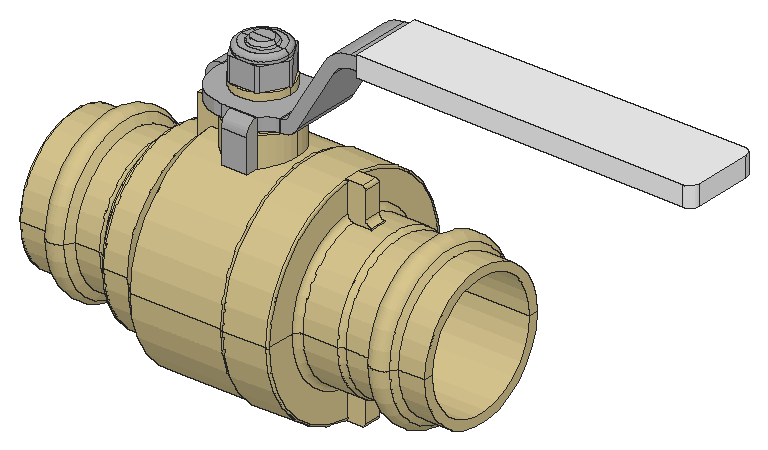
Revit family "QA12010000", category Apparecchi idraulici, Revit 2016
Family settings
  Tipo di parte = Normale
  Quota connettore circolare = Usa diametro
  Numero OmniClass = 23.45.00.00
  Titolo OmniClass = Sanitary, Laundry, and Cleaning Equipment
  Basato su piano di lavoro = No
  Sempre verticale = Sì
  Taglio con vuoti quando caricato = No
  Condiviso = No
  Punto di calcolo locali = No
Parameters
  URL = "https://web.cimberio.it/index.php/figura/1624?subcategoria_id=102"
  Produttore = "CIMBERIO SPA"
  Modello = "Cim 1220.1CRNL"
  DN Model [instance] = QA12011040 : QA12011040
  DN [instance] = 40 mm
Reference planes
  plane 1 "Centro (Fronte/Retro)": y = 0
  plane 2: z = 0
  plane 3 "Centro (Sinistra/Destra)": x = 0
Dimensions and locks
  aligned and locked: level to plane 2
Nested families
  nested 1: "QA12011040" at (0, 0, 0), type <- "DN Model", type "QA12011040"
    with DN 10 mm
  nested 2: "QA12011040" at (0, 0, 0), type <- "DN Model", type "QA12011040"
    with DN 10 mm
  nested 3: "QA12011040" at (0, 0, 0), type <- "DN Model", type "QA12011040"
    with DN 10 mm
  nested 4: "QA12011040" at (0, 0, 0), type <- "DN Model", type "QA12011040"
    with DN 10 mm
  nested 5: "QA12011040" at (0, 0, 0), type <- "DN Model", type "QA12011040"
    with DN 10 mm
  nested 6: "QA12011040" at (0, 0, 0), type <- "DN Model", type "QA12011040"
    with DN 10 mm
Connectors
  piping at (71.25, 0, 0), diameter 40, driven by "DN"
    settings: on nested 1, index 1, connector inside diameter 609.6 mm, connector length 0 mm, flow factor 0, pipe flow 0.0 L/s, pressure drop 0.0 Pa, fitting loss kfactor 0, connector angle 0.00°, fixture units 0, engagement length 0 mm, angle of deflection 0.00°, flow configuration 0, flow direction 0, fitting loss method 0, system type 7, joint type 0, gender type 0, connector reference index -1, connector utility 0, adjustable connector no, is connector primary yes, connector description ""
  piping at (-20, -1.7, 43), diameter 40, driven by "DN"
    settings: on nested 6, index 2, connector inside diameter 609.6 mm, connector length 0 mm, flow factor 0, pipe flow 0.0 L/s, pressure drop 0.0 Pa, fitting loss kfactor 0, connector angle 0.00°, fixture units 0, engagement length 0 mm, angle of deflection 0.00°, flow configuration 0, flow direction 0, fitting loss method 0, system type 7, joint type 0, gender type 0, connector reference index -1, connector utility 0, adjustable connector no, is connector primary no, connector description ""
Definition of nested family "QA12011040"
  Parameters (values of type "QA12011040")
    DN [instance] = 10 mm  # constant formula
  Reference planes
    plane 1 "Centro (Fronte/Retro)": y = 0
    plane 2: z = 0
    plane 3 "Centro (Sinistra/Destra)": x = 0
  Forms (mm)
    Revolve 1, solid
      sketch origin (0, 0, 0) x (1, 0, 0) y (0, 1, 0)
        loop
          line (-44.636, 25.456) -> (-43.131, 22.85) -> (-35.234, 22.85)
          arc (-35.234, 22.85) -> (-34.174, 23.044) -> (-33.25, 23.6) r 3
          line (-33.25, 23.6) -> (-31.75, 23.6)
          arc (-31.75, 23.6) -> (-30.336, 24.186) -> (-29.75, 25.6) r 2
          line (-29.75, 25.6) -> (-29.75, 28)
          arc (-29.75, 28) -> (-29.457, 28.707) -> (-28.75, 29) r 1
          line (-28.75, 29) -> (-21.25, 29) -> (-15.45, 34.8) -> (13.722, 34.8)
          arc (13.722, 34.8) -> (14.562, 34.983) -> (15.25, 35.5) r 2.019
          line (15.25, 35.5) -> (29.25, 35.25)
          arc (29.25, 35.25) -> (29.644, 35.058) -> (29.75, 34.633) r 0.519
          line (29.75, 34.633) -> (29.75, 25.6)
          arc (29.75, 25.6) -> (30.336, 24.186) -> (31.75, 23.6) r 2
          line (31.75, 23.6) -> (43.25, 23.6)
          arc (43.25, 23.6) -> (44.174, 23.044) -> (45.234, 22.85) r 3
          line (45.234, 22.85) -> (53.131, 22.85) -> (54.287, 24.852)
          arc (54.287, 24.852) -> (57.752, 26.85) -> (61.216, 24.847) r 4
          line (61.216, 24.847) -> (62.369, 22.85) -> (71.25, 22.85) -> (71.25, 20) -> (-61.25, 20) -> (-61.25, 22.35)
          arc (-61.25, 22.35) -> (-61.104, 22.704) -> (-60.75, 22.85) r 0.5
          line (-60.75, 22.85) -> (-52.369, 22.85) -> (-51.214, 24.85)
          arc (-51.214, 24.85) -> (-48.099, 26.835) -> (-44.686, 25.421) r 4
        axis (-61.25, 0) -> (71.25, 0)
      angle from 0 to 360
    Extrusion 2, solid
      sketch origin (0, 0, 0) x (1, 0, 0) y (0, 0, 1)
        loop
          line (29.25, 35.216) -> (29.25, 22.582) -> (37.747, 22.582) -> (37.747, 23.559)
          arc (37.747, 23.559) -> (36.335, 24.144) -> (35.75, 25.556) r 1.997
          line (35.75, 25.556) -> (35.75, 34.216)
          arc (35.75, 34.216) -> (35.457, 34.923) -> (34.75, 35.216) r 1
          line (34.75, 35.216) -> (29.25, 35.216)
        loop
          line (29.25, -35.216) -> (34.75, -35.216)
          arc (34.75, -35.216) -> (35.457, -34.923) -> (35.75, -34.216) r 1
          line (35.75, -34.216) -> (35.75, -25.556)
          arc (35.75, -25.556) -> (36.335, -24.144) -> (37.747, -23.559) r 1.997
          line (37.747, -23.559) -> (37.747, -22.582) -> (29.25, -22.582) -> (29.25, -35.216)
      from -2.528 to 2.75
    Revolve 3, solid
      sketch origin (0, 0, 0) x (1, 0, 0) y (0, 0, 1)
        loop
          line (0.056, 47.8) -> (-10, 47.8) -> (-10, 43) -> (-11.388, 43) -> (-11.388, 31.761) -> (0.056, 31.761) -> (0.056, 47.8)
        axis (0.056, 31.761) -> (0.056, 47.8)
      angle from 0 to 360
    Extrusion 4, solid
      sketch origin (0, 0, 0) x (1, 0, 0) y (0, 0, 1)
        loop
          line (-11.388, 43) -> (-20, 43) -> (-20, 28.911) -> (-11.388, 28.911) -> (-11.388, 43)
      from -1.6 to 1.7
    Revolve 5, solid
      sketch origin (0, 0, 0) x (1, 0, 0) y (0, 0, 1)
        loop
          line (0, 54.3) -> (-9.25, 54.3) -> (-9.25, 51.8) -> (0, 51.8) -> (0, 54.3)
        axis (0, 54.3) -> (0, 51.8)
      angle from 0 to 360
    Revolve 6, solid
      sketch origin (0, 0, 0) x (1, 0, 0) y (0, 0, 1)
        loop
          line (0, 65.8) -> (0, 62) -> (8.25, 62) -> (8.25, 62.8)
          arc (8.25, 62.8) -> (7.811, 63.861) -> (6.75, 64.3) r 1.5
          line (6.75, 64.3) -> (4.697, 64.3) -> (3.463, 64.701) -> (4.28, 64.92) -> (3.4, 65.8) -> (0, 65.8)
        axis (0, 65.8) -> (0, 62)
      angle from 0 to 360
    Extrusion 7, solid
      sketch origin (0, 0, 0) x (1, 0, 0) y (0, 0, 1)
        loop
          arc (-14.7, 51.8) -> (-18.428, 50.443) -> (-20, 46.8) r 5.008
          line (-20, 46.8) -> (-20, 38.053) -> (-16, 38.053) -> (-16, 46.8)
          arc (-16, 46.8) -> (-15.588, 47.609) -> (-14.7, 47.8) r 1.058
          line (-14.7, 47.8) -> (-14.7, 51.8)
      from -10 to -1.7
    Extrusion 8, solid
      sketch origin (0, 0, 0) x (1, 0, 0) y (0, 0, 1)
        loop
          line (29.699, 73.796) -> (18.011, 53.552)
          arc (18.011, 53.552) -> (16.739, 52.275) -> (15, 51.8) r 3.5
          line (15, 51.8) -> (15, 47.8)
          arc (15, 47.8) -> (18.74, 48.811) -> (21.476, 51.553) r 7.5
          line (21.476, 51.553) -> (33.164, 71.798)
          arc (33.164, 71.798) -> (35.36, 73.995) -> (38.36, 74.8) r 6
          line (38.36, 74.8) -> (40.963, 74.8) -> (40.963, 78.8) -> (38.362, 78.8)
          arc (38.362, 78.8) -> (33.36, 77.459) -> (29.699, 73.796) r 10
      from -10 to 12
    Extrusion 9, solid
      sketch origin (0, 0, 28.55) x (1, 0, 0) y (0, 1, 0)
        loop
          line (9.352, 0.6) -> (5.198, 7.795)
          arc (5.198, 7.795) -> (4.756, 8.237) -> (4.152, 8.399) r 1.208
          line (4.152, 8.399) -> (-4.173, 8.399)
          arc (-4.173, 8.399) -> (-4.759, 8.242) -> (-5.187, 7.814) r 1.171
          line (-5.187, 7.814) -> (-9.362, 0.583)
          arc (-9.362, 0.583) -> (-9.518, 0) -> (-9.362, -0.583) r 1.165
          line (-9.362, -0.583) -> (-5.187, -7.813)
          arc (-5.187, -7.813) -> (-4.759, -8.242) -> (-4.173, -8.399) r 1.171
          line (-4.173, -8.399) -> (4.165, -8.399)
          arc (4.165, -8.399) -> (4.757, -8.24) -> (5.191, -7.806) r 1.185
          line (5.191, -7.806) -> (9.352, -0.6)
          arc (9.352, -0.6) -> (9.513, 0) -> (9.352, 0.6) r 1.2
      from 25.75 to 33.45
    Extrusion 10, solid
      sketch origin (0, 0, 28.55) x (1, 0, 0) y (0, 1, 0)
        loop
          line (-14.7, 10) -> (-14.7, -1.7)
          arc (-14.7, -1.7) -> (-10.892, -10.892) -> (-1.7, -14.7) r 13
          line (-1.7, -14.7) -> (0.876, -14.7) -> (1.7, -15) -> (10.417, -15)
          arc (10.417, -15) -> (12.261, -12.817) -> (15, -12) r 5
          line (15, -12) -> (15, 10) -> (-14.7, 10)
      from 19.25 to 23.25
    Extrusion 11, solid
      sketch origin (0, 0, 28.55) x (1, 0, 0) y (0, 1, 0)
        loop
          line (40.963, 10.75) -> (40.963, -12.75) -> (147.942, -13.479)
          arc (147.942, -13.479) -> (150.075, -12.61) -> (150.963, -10.484) r 3
          line (150.963, -10.484) -> (150.963, 8.475)
          arc (150.963, 8.475) -> (150.078, 10.607) -> (147.941, 11.479) r 3
          line (147.941, 11.479) -> (40.963, 10.75)
      from 44.988 to 51.45
    Extrusion 12, solid
      sketch origin (-11, 0, 0) x (0, 0, 1) y (0, 1, 0)
        loop
          line (51.8, -15) -> (47.8, -15) -> (36.812, -15) -> (36.812, -19) -> (47.8, -19)
          arc (47.8, -19) -> (50.628, -17.828) -> (51.8, -15) r 4
      from -21 to -12.7
  Dimensions and locks
    aligned and locked: level to plane 2
